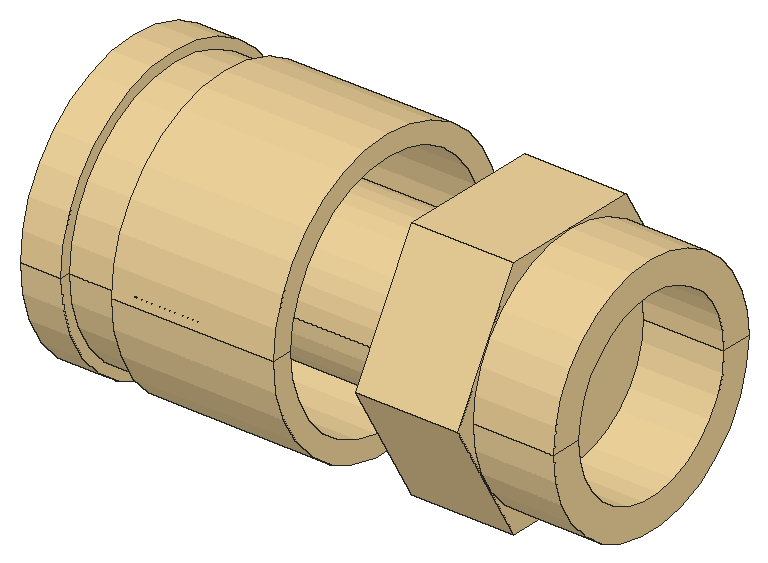
Revit family "ABC-PEX_Фитинг_Фитинг компрессионный для труб", category Соединительные детали трубопроводов, Revit 2019
Family settings
  Размер круглого соединителя = Использовать диаметр
  Тип детали = Соединение
  На основе рабочей плоскости = Нет
  Всегда вертикально = Нет
  При загрузке вырезать с полостями = Нет
  Общий = Да
Parameters
  Таблица выбора = "ABC-PEX_Фитинг_Фитинг компрессионный для труб"  # constant formula
  Маткриал_Корпус = Латунь
  z [instance] = size_lookup(Таблица выбора, "z", 30 mm, DN1, DN2)  # 16 mm
  a [instance] = size_lookup(Таблица выбора, "a", 30 mm, DN1, DN2)  # 47 mm
  S [instance] = DN2 + 4 mm  # 24 mm
  DN2 [instance] = 20 mm
  DN1 [instance] = 15 mm
  ADSK_Примечание = ""
  ADSK_Наименование [instance] = size_lookup(Таблица выбора, "ADSK_Наименование", "Нет в каталоге", DN1, DN2)  # "Фитинг компрессионный для труб DN15x3/4\""
  ADSK_Масса [instance] = size_lookup(Таблица выбора, "ADSK_Масса", 0, DN1, DN2)  # 0
  ADSK_Марка [instance] = size_lookup(Таблица выбора, "ADSK_Марка", "Нет в каталоге", DN1, DN2)  # "ABC-EK3415"
  ADSK_Завод-изготовитель = "Agpipe"  # constant formula
Reference planes
  plane 1 "По центру (Вперед/Назад)": y = 0
  plane 2: z = 0
  plane 3 "По центру (Влево/Вправо)": x = 0
  plane 4: y = 7.5
  plane 5: y = -7.5
  plane 6: x = -23.5
  plane 7: x = 23.5
  plane 8: x = 7.5
  plane 9: y = 10
  plane 10: y = -10
  plane 11: y = 12
  plane 12: y = -12
Forms (mm)
  Extrusion 1, solid, material "Латунь" <- "Маткриал_Корпус", detail levels fine
    sketch origin (0, 0, 0) x (0, 1, 0) y (0, 0, 1)
      loop
        line (13.856, 0) -> (6.928, 12) -> (-6.928, 12) -> (-13.856, 0) -> (-6.928, -12) -> (6.928, -12) -> (13.856, 0)
    from 5.5 to 15.5
  Revolve 2, solid, material "Латунь" <- "Маткриал_Корпус", detail levels fine
    sketch origin (0, 0, 0) x (-1, 0, 0) y (0, 1, 0)
      loop
        line (23.5, 7.5) -> (-7.5, 7.5) -> (-7.5, 11) -> (-15.5, 11) -> (-15.5, 12) -> (-23.5, 12) -> (-23.5, 9) -> (-9.343, 9) -> (-9.343, 4) -> (3.5, 4) -> (3.5, 5.5) -> (23.5, 5.5) -> (23.5, 7.5)
      axis (-23.5, 0) -> (23.5, 0)
    angle from 0 to 360
Lines and regions (mm)
  reference lines
    curve 1: line (7.5, 0, 0) -> (23.5, 0, 0)
  symbolic lines, detail levels coarse+medium
    curve 2: line (-23.5, 0, 0) -> (23.5, 0, 0)
Dimensions and locks
  equal spacing: plane 4, plane 1 "По центру (Вперед/Назад)", plane 5
  "DN1": plane 4 to plane 5
  equal spacing: plane 6, plane 3 "По центру (Влево/Вправо)", plane 7
  "a": plane 6 to plane 7
  equal spacing: Extrusion 1 sketch curve, curve 1, Extrusion 1 sketch curve  (x3)
  "S": Extrusion 1 sketch curve to Extrusion 1 sketch curve  (x3)
  "DN2": plane 9 to plane 10
  locked: Revolve 2 sketch curve to Revolve 2 sketch curve at 5
  equal spacing: plane 9, plane 1 "По центру (Вперед/Назад)", plane 10
  "z": plane 8 to plane 7
  locked: Revolve 2 sketch curve to plane 4 at 2
  locked: Revolve 2 sketch curve to plane 9 at 1  (x2)
  equal spacing: plane 11, plane 1 "По центру (Вперед/Назад)", plane 12
  "S": plane 11 to plane 12
  equal spacing: plane 8, Revolve 2 sketch curve, plane 7
  locked: plane 8 to Revolve 2 sketch curve at 1.843
  locked: Extrusion 1 sketch curve to Extrusion 1 sketch curve (angle 120.00°)  (x3)
  aligned and locked: level to plane 2
  aligned and locked: plane 7 to curve 2
  aligned and locked: plane 7 to curve 1
  aligned and locked: plane 8 to curve 1
  aligned and locked: Revolve 2 sketch curve to plane 11
  aligned and locked: Revolve 2 sketch curve to plane 8
  aligned and locked: nested 1 to plane 6
  aligned and locked: plane 6 to curve 2
Automatic sketch dimensions
  plane 1 "По центру (Вперед/Назад)" to curve 1 = 0 mm
  plane 1 "По центру (Вперед/Назад)" to curve 2 = 0 mm
  plane 1 "По центру (Вперед/Назад)" to Revolve 2 sketch curve = 0 mm
  Revolve 2 sketch curve to plane 7 = 0 mm  (x2)
  Revolve 2 sketch curve to plane 6 = 0 mm
  Revolve 2 sketch curve to plane 4 = 0 mm
  plane 3 "По центру (Влево/Вправо)" to Revolve 2 sketch curve = 3.5 mm
  Revolve 2 sketch curve to plane 6 = 5 mm
Nested families
  nested 1: "ABC-PEX_Фитинг_Надвижная гильза" at (-15, 0, 0) x (-1, 0, 0) z (0, 0, 1), DN <- "DN2", type "ABC-PEX_Фитинг_Надвижная гильза", detail levels fine
    with b 28 mm, a 25 mm, DN 20 mm, ADSK_Наименование "Надвижная гильза DN20", ADSK_Масса 0.012, ADSK_Марка "ABC-F-120"
Connectors
  piping at (7.5, 0, 0), diameter 15, driven by "DN1"
    settings: on curve 1, index 1, connector inside diameter 609.6 mm, connector length 0 mm, flow factor 0, pipe flow 0.0 L/s, pressure drop 0.0 Pa, fitting loss kfactor 0, connector angle 0.00°, fixture units 0, engagement length 0 mm, angle of deflection 0.00°, flow configuration 0, flow direction 0, fitting loss method 0, system type 28, joint type 0, gender type 0, connector reference index 2, connector utility 0, adjustable connector no, is connector primary yes, connector description ""
  piping at (23.5, 0, 0), diameter 20, driven by "DN2"
    settings: on curve 1, index 2, connector inside diameter 609.6 mm, connector length 0 mm, flow factor 0, pipe flow 0.0 L/s, pressure drop 0.0 Pa, fitting loss kfactor 0, connector angle 0.00°, fixture units 0, engagement length 0 mm, angle of deflection 0.00°, flow configuration 0, flow direction 0, fitting loss method 0, system type 28, joint type 0, gender type 0, connector reference index 1, connector utility 0, adjustable connector no, is connector primary no, connector description ""
Definition of nested family "ABC-PEX_Фитинг_Надвижная гильза"
  Parameters (values of type "ABC-PEX_Фитинг_Надвижная гильза")
    Таблица выбора = "ABC-PEX_Фитинг_Надвижная гильза"  # constant formula
    Маткриал_Корпус = none
    b [instance] = size_lookup(Таблица выбора, "b", 30 mm, DN)  # 24 mm
    a [instance] = size_lookup(Таблица выбора, "a", 30 mm, DN)  # 24 mm
    DN [instance] = 16 mm
    ADSK_Примечание = ""
    ADSK_Наименование [instance] = size_lookup(Таблица выбора, "ADSK_Наименование", "Нет в каталоге", DN)  # "Надвижная гильза DN16"
    ADSK_Масса [instance] = size_lookup(Таблица выбора, "ADSK_Масса", 0, DN)  # 0.008
    ADSK_Марка [instance] = size_lookup(Таблица выбора, "ADSK_Марка", "Нет в каталоге", DN)  # "ABC-F-116"
    ADSK_Завод-изготовитель = "Agpipe"  # constant formula
  Reference planes
    plane 1 "По центру (Вперед/Назад)": y = 0
    plane 2: z = 0
    plane 3 "По центру (Влево/Вправо)": x = 0
    plane 4: y = 12
    plane 5: y = -12
    plane 6: x = -12
    plane 7: x = 12
    plane 8: y = 8
    plane 9: y = -8
  Forms (mm)
    Revolve 1, solid, material <- "Маткриал_Корпус"
      sketch origin (0, 0, 0) x (1, 0, 0) y (0, 1, 0)
        loop
          line (-12, 12) -> (-12, 10) -> (12, 10) -> (12, 12) -> (8, 12) -> (8, 11) -> (3, 11) -> (3, 12) -> (-12, 12)
        axis (-12, 0) -> (12, 0)
      angle from 0 to 360
  Lines and regions (mm)
    reference lines
      curve 1: line (-12, 0, 0) -> (12, 0, 0)
  Dimensions and locks
    equal spacing: plane 4, plane 1 "По центру (Вперед/Назад)", plane 5
    "b": plane 4 to plane 5
    equal spacing: plane 6, plane 3 "По центру (Влево/Вправо)", plane 7
    "a": plane 6 to plane 7
    plane 4 to Revolve 1 sketch curve = 2 mm
    equal spacing: plane 9, plane 1 "По центру (Вперед/Назад)", plane 8
    "DN": plane 9 to plane 8
    Revolve 1 sketch curve to Revolve 1 sketch curve to plane 7 = 5 mm locked, 4 mm locked
    Revolve 1 sketch curve to Revolve 1 sketch curve to plane 4 = 1 mm locked, 1 mm locked
    aligned and locked: level to plane 2
    aligned and locked: plane 1 "По центру (Вперед/Назад)" to Revolve 1 sketch curve
    aligned and locked: plane 4 to Revolve 1 sketch curve
    aligned and locked: Revolve 1 sketch curve to plane 4
    aligned and locked: plane 6 to Revolve 1 sketch curve
    aligned and locked: plane 7 to Revolve 1 sketch curve
    aligned and locked: plane 7 to curve 1
    aligned and locked: plane 6 to curve 1
  Automatic sketch dimensions
    plane 1 "По центру (Вперед/Назад)" to curve 1 = 0 mm
    plane 6 to Revolve 1 sketch curve = 5 mm
    Revolve 1 sketch curve to plane 7 = 4 mm
  Connectors
    piping at (-12, 0, 0), diameter 16, driven by "DN"
      settings: on curve 1, index 1, connector inside diameter 609.6 mm, connector length 0 mm, flow factor 0, pipe flow 0.0 L/s, pressure drop 0.0 Pa, fitting loss kfactor 0, connector angle 0.00°, fixture units 0, engagement length 0 mm, angle of deflection 0.00°, flow configuration 0, flow direction 0, fitting loss method 0, system type 28, joint type 0, gender type 0, connector reference index 2, connector utility 0, adjustable connector no, is connector primary yes, connector description ""
    piping at (12, 0, 0), diameter 16, driven by "DN"
      settings: on curve 1, index 2, connector inside diameter 609.6 mm, connector length 0 mm, flow factor 0, pipe flow 0.0 L/s, pressure drop 0.0 Pa, fitting loss kfactor 0, connector angle 0.00°, fixture units 0, engagement length 0 mm, angle of deflection 0.00°, flow configuration 0, flow direction 0, fitting loss method 0, system type 28, joint type 0, gender type 0, connector reference index 1, connector utility 0, adjustable connector no, is connector primary no, connector description ""
